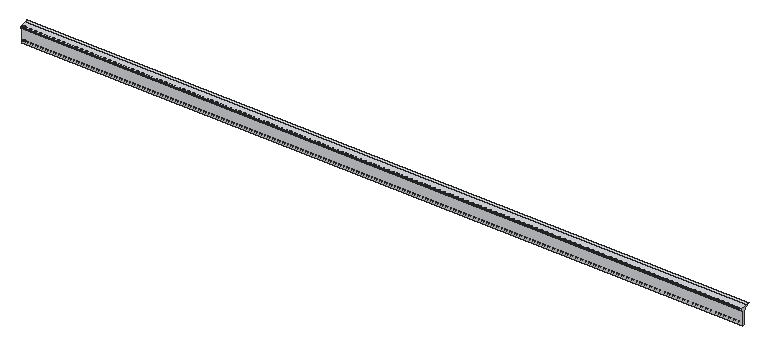
Revit family "HansWeitzel_52280", category Allgemeines Modell, Revit 2017
Family settings
  Kann Basisbauteil für Bewehrung sein = Nein
  Bemaßung runder Anschluss = Durchmesser verwenden
  Teiletyp = Normal
  Arbeitsebenenbasiert = Nein
  Immer vertikal = Ja
  Beim Laden mit Abzugskörper schneiden = Nein
  Gemeinsam genutzt = Nein
  Raumberechnungspunkt = Nein
Parameters
  max. Betriebstemperatur (°C) = 90
  Werkstoff = "PVC"
  Wandmontage möglich = yes
  Typname = "HZ-Teppichsockelleiste SLT Weiß, 2m"
  Tiefe (mm) = 46
  Selbstverlöschend = yes
  Profilart = "Sockelprofil"
  Menge pro Verpackungseinheit = 10
  Length1 = 2000 mm
  Ist Zubehör = no
  Ist System = no
  Höhe [mm] = 96
  Hersteller = "Hans Weitzel GmbH & Co. KG"
  HeinzeBIM = "https://www.heinze.de/bim/hz-teppichsockelleiste-slt-weiss-2m/3575323fc205efaadee0f21cb8608206c300e5b7"
  HAN = "52280"
  Gewicht unverpackt (netto) [kg] = 0.86
  GTIN = "4022023111910"
  Farbton = "weiß"
  Dekor = "Weiß"
  Breite [mm] = 2000
  Brandklasse B2 = yes
  Beschreibung = "HZ-Teppichsockelleiste SLT Weiß, 2m mit Selbstklebeband f. Teppicheinlage"
  BIMSITE_PRODUCT_ID = "3575323fc205efaadee0f21cb8608206c300e5b7"
  BIM = "https://media.live.bim.site/t/eyJhbGciOiJIUzI1NiIsInR5cCI6IkpXVCJ9.eyJjdCI6MSwidGYiOiJwdWJsaWMvaGFucy13ZWl0emVsLWdtYmgtY28ta2cvMjI1MGEyZS9IWl9TTFRfUHJvZmlsXzJtLnJmYSIsImNpZCI6ImZlZDk4ZTlhLTFiZDgtNGM2OC1hNzNiLTc0YTk0ZTMxNTgyMyIsInJpZCI6IjExNDRiZmQ4ZDU1ZDU4OGY4ZTlhYTY5YjJkNmVlNDc5IiwicGlkIjoiMzU3NTMyM2ZjMjA1ZWZhYWRlZTBmMjFjYjg2MDgyMDZjMzAwZTViNyIsInNpZCI6IjYzNTU4IiwidXQiOjUsImxjIjoiZGUiLCJpYXQiOjE1ODAyMDk0ODUsImlzcyI6Imh0dHBzOi8vYXBpLmxpdmUuYmltLnNpdGUiLCJzdWIiOiJmNTg2YzRiNi1hNTA4LTQyN2EtOTgxOC0xMzE3OTY2NTc2YmMifQ.BjM3nOwQ4qwxtMHzCQ_itGj0II0x7M-SBO7gXsFnCEE/HZ_SLT_Profil_2m.rfa"
Reference planes
  plane 1 "Center (Front/Back)": y = 0
  plane 2: z = 0
  plane 3 "Center (Left/Right)": x = 0
Forms (mm)
  Extrusion 1, solid, detail levels fine
    sketch origin (0, 0, 0) x (0, 1, 0) y (0, 0, 1)
      loop
        line (-33, 1) -> (-33, 11) -> (-31.75, 11)
        arc (-31.75, 11) -> (-31.043, 10.707) -> (-30.75, 10) r 1
        line (-30.75, 10) -> (-30.75, 4.75) -> (-29.5, 3.5) -> (-29.5, 10.5)
        arc (-29.5, 10.5) -> (-29.939, 11.561) -> (-31, 12) r 1.5
        line (-31, 12) -> (-33, 12) -> (-33, 80.303)
        arc (-33, 80.303) -> (-32.778, 80.931) -> (-32.209, 81.281) r 1
        line (-32.209, 81.281) -> (-29.959, 81.763)
        arc (-29.959, 81.763) -> (-29.121, 81.562) -> (-28.75, 80.785) r 1
        line (-28.75, 80.785) -> (-28.75, 71.5) -> (-27.25, 71.5) -> (-27.25, 81.534)
        arc (-27.25, 81.534) -> (-27.028, 82.163) -> (-26.459, 82.512) r 1
        line (-26.459, 82.512) -> (-7.083, 86.662) -> (-7.79, 89.96)
        arc (-7.79, 89.96) -> (-3.517, 92.492) -> (0, 96) r 19.999
        arc (0, 96) -> (-3.863, 93.406) -> (-8.13, 91.552) r 25.699
        line (-8.13, 91.552) -> (-44.024, 83.863)
        arc (-44.024, 83.863) -> (-45.444, 82.991) -> (-46, 81.419) r 2.5
        line (-46, 81.419) -> (-46, 78) -> (-45, 78) -> (-45, 80.759)
        arc (-45, 80.759) -> (-44.555, 82.016) -> (-43.419, 82.715) r 2
        line (-43.419, 82.715) -> (-38, 83.875) -> (-38, 0) -> (-33, 1)
    from -2000 to 2000
  Extrusion 2, solid, detail levels medium
    sketch origin (0, 0, 0) x (0, 1, 0) y (0, 0, 1)
      loop
        line (-46, 83.44) -> (-46, 78) -> (-45, 78) -> (-45, 82.376) -> (-38, 83.875) -> (-38, 0) -> (-33, 0) -> (-33, 11) -> (-30.75, 11) -> (-30.75, 4.75) -> (-29.5, 4.75) -> (-29.5, 12) -> (-33, 12) -> (-33, 81.111) -> (-28.75, 82.022) -> (-28.75, 71.5) -> (-27.25, 71.5) -> (-27.25, 82.343) -> (-7.083, 86.662) -> (0, 96)
        arc (0, 96) -> (-3.863, 93.406) -> (-8.13, 91.552) r 25.699
        line (-8.13, 91.552) -> (-46, 83.44)
    from -2000 to 2000
  Extrusion 3, solid, detail levels coarse
    sketch origin (0, 0, 0) x (0, 1, 0) y (0, 0, 1)
      loop
        line (0, 96) -> (-46, 96) -> (-46, 0) -> (0, 0) -> (0, 96)
    from -2000 to 2000
Dimensions and locks
  equal spacing: Extrusion 1, plane 3 "Center (Left/Right)", Extrusion 1
  aligned and locked: level to plane 2
  aligned and locked: Extrusion 3 to Extrusion 1  (x2)
  aligned and locked: Extrusion 2 to Extrusion 3  (x2)
Automatic sketch dimensions
  Extrusion 1 sketch curve to level = 0 mm
  Extrusion 1 sketch curve to plane 1 "Center (Front/Back)" = 0 mm
  plane 1 "Center (Front/Back)" to Extrusion 1 sketch curve = 7.083 mm
  Extrusion 1 sketch curve to Extrusion 1 sketch curve = 0.706 mm
  Extrusion 1 sketch curve to Extrusion 1 sketch curve = 0.341 mm
  plane 1 "Center (Front/Back)" to Extrusion 1 sketch curve = 15.772 mm
  Extrusion 1 sketch curve to Extrusion 1 sketch curve = 0.426 mm
  Extrusion 1 sketch curve to Extrusion 1 sketch curve = 19.167 mm
  Extrusion 1 sketch curve to Extrusion 1 sketch curve = 0.209 mm  (x3)
  Extrusion 1 sketch curve to Extrusion 1 sketch curve = 1 mm  (x3)
  Extrusion 1 sketch curve to Extrusion 1 sketch curve = 1.5 mm  (x2)
  Extrusion 1 sketch curve to Extrusion 1 sketch curve = 2.25 mm
  Extrusion 1 sketch curve to Extrusion 1 sketch curve = 2 mm  (x2)
  Extrusion 1 sketch curve to Extrusion 1 sketch curve = 5 mm  (x2)
  Extrusion 1 sketch curve to Extrusion 1 sketch curve = 0.419 mm
  Extrusion 1 sketch curve to Extrusion 1 sketch curve = 0.5 mm  (x2)
  Extrusion 1 sketch curve to Extrusion 1 sketch curve = 0.605 mm
  Extrusion 1 sketch curve to Extrusion 1 sketch curve = 59.5 mm
  Extrusion 1 sketch curve to Extrusion 1 sketch curve = 6.5 mm
  Extrusion 1 sketch curve to Extrusion 1 sketch curve = 8.803 mm
  Extrusion 1 sketch curve to Extrusion 1 sketch curve = 2.759 mm
  Extrusion 1 sketch curve to Extrusion 1 sketch curve = 0.482 mm
  Extrusion 1 sketch curve to Extrusion 1 sketch curve = 0.66 mm
  Extrusion 1 sketch curve to Extrusion 1 sketch curve = 0.75 mm  (x2)
  Extrusion 1 sketch curve to Extrusion 1 sketch curve = 1.161 mm
  Extrusion 1 sketch curve to Extrusion 1 sketch curve = 4.15 mm
  Extrusion 1 sketch curve to Extrusion 1 sketch curve = 1.592 mm
  Extrusion 1 sketch curve to Extrusion 1 sketch curve = 16.745 mm
  Extrusion 1 sketch curve to Extrusion 1 sketch curve = 5.25 mm
  level to Extrusion 1 sketch curve = 4.75 mm
  Extrusion 1 sketch curve to Extrusion 1 sketch curve = 1.25 mm  (x2)
  Extrusion 1 sketch curve to Extrusion 1 sketch curve = 0 mm
  level to Extrusion 1 sketch curve = 1 mm
  plane 1 "Center (Front/Back)" to Extrusion 1 sketch curve = 33 mm
  Extrusion 3 sketch curve to plane 1 "Center (Front/Back)" = 0 mm
  level to Extrusion 3 sketch curve = 0 mm
  plane 1 "Center (Front/Back)" to Extrusion 3 sketch curve = 46 mm
  Extrusion 3 sketch curve to Extrusion 3 sketch curve = 96 mm
  Extrusion 2 sketch curve to level = 0 mm
  Extrusion 2 sketch curve to plane 1 "Center (Front/Back)" = 0 mm
  Extrusion 2 sketch curve to Extrusion 2 sketch curve = 20.167 mm
  Extrusion 2 sketch curve to Extrusion 2 sketch curve = 1.5 mm
  level to Extrusion 2 sketch curve = 12 mm
  plane 1 "Center (Front/Back)" to Extrusion 2 sketch curve = 29.5 mm
  Extrusion 2 sketch curve to Extrusion 2 sketch curve = 1.25 mm
  Extrusion 2 sketch curve to Extrusion 2 sketch curve = 2.25 mm  (x2)
  Extrusion 2 sketch curve to Extrusion 2 sketch curve = 5 mm
  Extrusion 2 sketch curve to Extrusion 2 sketch curve = 7 mm
  Extrusion 2 sketch curve to Extrusion 2 sketch curve = 1 mm  (x2)
  level to Extrusion 2 sketch curve = 4.75 mm
  Extrusion 2 sketch curve to Extrusion 2 sketch curve = 59.5 mm
  Extrusion 2 sketch curve to Extrusion 2 sketch curve = 6.5 mm
  Extrusion 2 sketch curve to Extrusion 2 sketch curve = 9.611 mm
  Extrusion 2 sketch curve to Extrusion 2 sketch curve = 0.91 mm
  Extrusion 2 sketch curve to Extrusion 2 sketch curve = 0.321 mm
  Extrusion 2 sketch curve to Extrusion 2 sketch curve = 4.376 mm
  Extrusion 2 sketch curve to Extrusion 2 sketch curve = 1.064 mm
  Extrusion 2 sketch curve to Extrusion 2 sketch curve = 2.764 mm
  Extrusion 2 sketch curve to Extrusion 2 sketch curve = 4.448 mm
  plane 1 "Center (Front/Back)" to Extrusion 2 sketch curve = 16.198 mm
  Extrusion 2 sketch curve to Extrusion 2 sketch curve = 4.25 mm
  Extrusion 2 sketch curve to Extrusion 2 sketch curve = 1.047 mm
  Extrusion 2 sketch curve to Extrusion 2 sketch curve = 4.32 mm
  Extrusion 2 sketch curve to Extrusion 2 sketch curve = 4.889 mm
